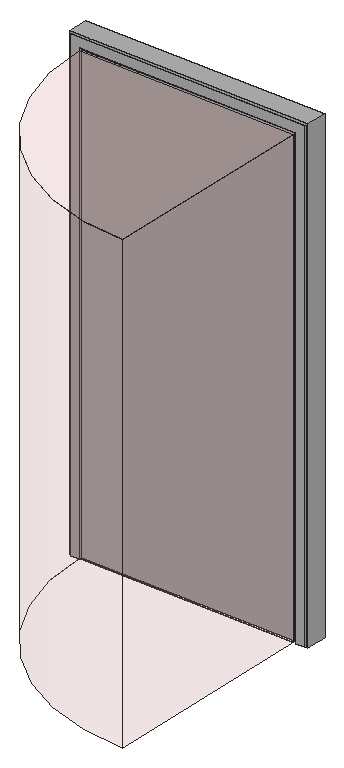
Revit family "ASSA ABLOY - ALPE PLUS Sp 60-1, single-leaf, block frame", category Doors, host Wall, Revit 2021
Family settings
  Host = Wall
  OmniClass Number = 23.30.10.00
  OmniClass Title = Doors
  Always vertical = Yes
  Cut with Voids When Loaded = No
  Shared = No
  Room Calculation Point = No
Parameters (values of type "900 x 2100 (902 x 2108)")
  URL = "https://www.assaabloy.com/pl/pl"
  Type Comments = "Door leaf made of two pressed galvanised steel sheets 1,25mm thick, reinforced with steel profile. Filled with mineral wool glued to the sheets with polyurethane adhesive. Non-rebated door."
  Symbol Radius = Door Leaf Width + 6.500 mm  # 998.500 mm
  Rough Width Real = Width Round + Rough Width Conversion + Rough Width Adjustment  # 1108.000 mm
  Rough Width Conversion = 208.000 mm  # constant formula
  Rough Width Adjustment = 0.000 mm  # constant formula
  Rough Height Real = Height Round + Rough Height Conversion + Rough Height Adjustment  # 2182.000 mm
  Rough Height Conversion = 82.000 mm  # constant formula
  Rough Height Adjustment = 0.000 mm  # constant formula
  Recess Value [instance] = 14.000 mm
  Opening Zone [instance] = yes
  Model = "Doorset_Steel non-rebated evacuation door (EN 179)_ASSA ABLOY Opening Solutions_Hardware 3D"
  Hinges Material = Default steel
  Frame Finish [instance] = ""
  Fire Rating NFR (0) = [Fire Rating - Set Value (0-2)] = 0  # yes
  Fire Rating EI60 (2) = [Fire Rating - Set Value (0-2)] = 2  # no
  Fire Rating EI30 (1) = [Fire Rating - Set Value (0-2)] = 1  # no
  Fire Rating - Set Value (0-2) = 0
  Fire Rating = if([Fire Rating NFR (0)], "NFR", if([Fire Rating EI30 (1)], "EI30", if([Fire Rating EI60 (2)], "EI60", "0")))  # "NFR"
  Width Round = roundup((Width / 5.000 mm)) * 5.000 mm  # 900.000 mm
  Thickness = 60.000 mm  # constant formula
  Smoke Rating = "Sa, S200 (optional)"
  Rough Width = Width Round + 2.000 mm + Rough Width Conversion + Rough Width Adjustment  # 1110.000 mm
  Rough Height = Height Round + 8.000 mm + Rough Height Conversion + Rough Height Adjustment  # 2190.000 mm
  Readme = "The actual lintel height is consistent with the Rough Height parameter.\nThe final HW Set should be consistent with the function of the door and its  parameters.\nHardware mounted on door surface may affect the clear passage opening. For verification, please contact the specification department."
  Provider = "ASSA ABLOY Opening Solutions"
  Product Group = "Single-Steel-Non rebated-Evacuation (EN179)"
  Name = "Steel non-rebated evacuation door (EN 179)"
  Min Door Width = 510.000 mm
  Min Door Height = 1635.000 mm
  Mechanical Strength = 4
  Max Door Width = 1150.000 mm
  Max Door Height = 2400.000 mm
  Manufacturer = "ASSA ABLOY"  # constant formula
  IfcExportType = "USERDEFINED"
  IfcExportAs = "IfcDoorType"
  Height Round = roundup((Height / 5.000 mm)) * 5.000 mm  # 2100.000 mm
  Hardware Set = "1.16PL"
  HW Item 7 = "1x 206253: Vercy door stopper, max 120 kg_ASSA ABLOY (option) "
  HW Item 6 = "1x H704: U-shape handle set on round rosette, EN179, class 4 (EN1906), stainless steel_ASSA ABLOY"
  HW Item 5 = "1x SK6 Radius: euro profile cylinder_IKON"
  HW Item 4 = "1x N11xx: mechanical, panic mortice lockcase series_ASSA ABLOY"
  HW Item 3 = "1x A153: mechanical opening damper_ASSA ABLOY (option)"
  HW Item 2 = "1x G195: door closer guide rail_ASSA ABLOY"
  HW Item 1 = "1x DC700/ DC500: door closer, Cam-Motion®_ASSA ABLOY"
  Function = Interior
  Height = 2100.000 mm
  Wall Closure = By host
  Width = 900.000 mm
  Frame Type = "Welded steel block frame, made of galvanised sheet 1,8mm thick."
  Frame Material = Default steel
  Family name = "1.16_DOORSET_ALPE PLUS Sp 60-1_SINGLE-LEAF_BLOCK FRAME_ASSA ABLOY PL"
  Environmental Product Declaration (EPD) = "To be confirmed with Provider"  # constant formula
  Environmental Management System = "To be confirmed with Provider"  # constant formula
  Edition number = "1"
  Door Type = "ALPE PLUS Sp 60-1"
  Door Material = Default steel
  Door Leaf Width = Width Round + 92.000 mm + Rough Width Adjustment  # 992.000 mm
  Door Finish Push Side [instance] = ""
  Door Finish Pull Side [instance] = ""
  Description = "ALPE PLUS Sp 60-1, door leaf made of two pressed galvanised steel sheets 1,25mm thick, reinforced with steel profile. Filled with mineral wool glued to the sheets with polyurethane adhesive. Non-rebated door. Stainless steel hinges with 3D regulation. Mechanical durability – class C5 according to PN-EN 16034:2014. Mechanical strength – class 4 according to PN-EN 1192:2001. Welded steel block frame, made of galvanised sheet 1,8mm thick."
  Date of publishing = ""
  Contact Provider = "https://www.assaabloy.com/pl/pl/solutions/topics/bim-specification/contact"
  Brand = "ASSA ABLOY Mercor Doors Sp. z o. o."  # constant formula
  Author = "www.archispace.pl"
Types (5, lengths in mm): name | Symbol Radius | Rough Width Real | Rough Height Real | Width Round | Rough Width | Rough Height | Height Round | Height | Width | Door Leaf Width
  900 x 2000 (902 x 2008) | 998.500 | 1108.000 | 2082.000 | 900.000 | 1110.000 | 2090.000 | 2000.000 | 2000.000 | 900.000 | 992.000
  900 x 2100 (902 x 2108) | 998.500 | 1108.000 | 2182.000 | 900.000 | 1110.000 | 2190.000 | 2100.000 | 2100.000 | 900.000 | 992.000
  1000 x 2100 (1002 x 2108) | 1098.500 | 1208.000 | 2182.000 | 1000.000 | 1210.000 | 2190.000 | 2100.000 | 2100.000 | 1000.000 | 1092.000
  1150 x 2400 (1152 x 2408) | 1248.500 | 1358.000 | 2482.000 | 1150.000 | 1360.000 | 2490.000 | 2400.000 | 2400.000 | 1150.000 | 1242.000
  510 x 1635 (512 x 1643) | 998.500 | 1108.000 | 2182.000 | 900.000 | 1110.000 | 2190.000 | 2100.000 | 2100.000 | 900.000 | 992.000
Reference planes
  plane 1: y = 0
  plane 2 "Center (Left/Right)": x = 0
  plane 3: z = 2190
  plane 4 "Exterior": y = 120
  plane 5 "Interior": y = -120
  plane 6: x = -554
  plane 7: x = 554
  plane 8: z = 2100
  plane 9: x = -495
  plane 10: x = 497
  plane 11: z = 2125
  plane 12: z = 8
  plane 13: y = -122.4
  plane 14: x = 503.5
  plane 15: x = -555
  plane 16: x = 555
  plane 17: x = -472
  plane 18: x = 472
  plane 19: z = 2182
  plane 20: y = -106
  plane 21: y = -109.4
  plane 22: y = -44.4
  plane 23: y = -33.4
  plane 24: y = -5.4
  plane 25: y = -8.8
Forms (mm)
  Sweep 1, solid, material "Default steel" <- "Frame Material"
    path origin (-489, -106, 1200) x (1, 0, 0) y (0, 0, 1)
      loop
        line (-65, -1200) -> (-65, 982) -> (1043, 982) -> (1043, -1200)
    profile origin (-554, -106, 1091) x (-1, 0, 0) y (0, -1, 0)
      loop
        line (0, 0) -> (-10, 0) -> (-10, 3.4) -> (-52, 3.4) -> (-52, -61.6) -> (-61.5, -61.6) -> (-61.5, -72.6) -> (-76.5, -72.6) -> (-76.5, -61.6) -> (-82, -61.6) -> (-82, -100.6) -> (-10, -100.6) -> (-10, -97.2) -> (0, -97.2) -> (0, 0)
  Sweep 2, solid, material "Default steel" <- "Door Material"
    path origin (-489, -106, 1200) x (1, 0, 0) y (0, 0, 1)
      loop
        line (489, -1192) -> (489, 925)
    profile origin (0, -106, 1066.5) x (-1, 0, 0) y (0, -1, 0)
      loop
        line (495, -59.1) -> (495, 2.9) -> (-497, 2.9) -> (-497, -59.1) -> (495, -59.1)
  Sweep 3, solid, material "Opening zone", visible <- "Opening Zone"
    path origin (-5000, 0, 0) x (-1, 0, 0) y (0, 0, 1)
      loop
        line (-5000, 8) -> (-5000, 2125)
    profile origin (0, 0, 1066.5) x (1, 0, 0) y (0, 1, 0)
      loop
        line (503.5, -122.4) -> (-495, -122.4)
        arc (-495, -122.4) -> (-202.546, -828.446) -> (503.5, -1120.9) r 998.5
        line (503.5, -1120.9) -> (503.5, -122.4)
Lines and regions (mm)
  Masking region 1, detail levels fine
    outline origin (-1177.682, -289.4, 2052) x (-1, 0, 0) y (0, -1, 0)
      loop
        line (-623.682, -183.4) -> (-633.682, -183.4) -> (-633.682, -180) -> (-675.682, -180) -> (-675.682, -245) -> (-685.182, -245) -> (-685.182, -256) -> (-700.182, -256) -> (-700.182, -245) -> (-705.682, -245) -> (-705.682, -284) -> (-633.682, -284) -> (-633.682, -280.6) -> (-623.682, -280.6) -> (-623.682, -183.4)
      loop
        line (-1731.682, -183.4) -> (-1731.682, -280.6) -> (-1721.682, -280.6) -> (-1721.682, -284) -> (-1649.682, -284) -> (-1649.682, -245) -> (-1655.182, -245) -> (-1655.182, -256) -> (-1670.182, -256) -> (-1670.182, -245) -> (-1679.682, -245) -> (-1679.682, -180) -> (-1721.682, -180) -> (-1721.682, -183.4) -> (-1731.682, -183.4)
  Masking region 2, detail levels medium
    outline origin (-1132.682, -300, 2052) x (-1, 0, 0) y (0, -1, 0)
      loop
        line (-578.682, -294.6) -> (-578.682, -190.6) -> (-660.682, -190.6) -> (-660.682, -294.6) -> (-578.682, -294.6)
      loop
        line (-1686.682, -294.6) -> (-1604.682, -294.6) -> (-1604.682, -190.6) -> (-1686.682, -190.6) -> (-1686.682, -294.6)
  Masking region 3, detail levels fine
    outline origin (-1132.682, -300, 2052) x (-1, 0, 0) y (0, -1, 0)
      loop
        circle (-1636.182, -177.6) r 11
  Opening 1
    outline origin (-5000, -120, 0) x (1, 0, 0) y (0, 0, 1)
      loop
        line (4445, 2190) -> (4445, 0) -> (5555, 0) -> (5555, 2190) -> (4445, 2190)
  symbolic lines, style "Elevation Swing"
    curve 1: line (-472, -120, 1095) -> (472, -120, 2100)
    curve 2: line (-472, -120, 1095) -> (472, -120, 8)
Text (mm)
  text "Exterior" at (-1376.75, 1099.543, 0), in view "Ref. Level"
  text "Exterior" at (0, 1615.38, 3698.081), in view "Left"
  text "Exterior" at (0, 1036.032, 3874.932), in view "Right"
Dimensions and locks
  "Rough Height": plane 3 to host wall
  equal spacing: host wall, curve 2, plane 3
  host wall to plane 3 = 2190.000 mm
  locked: plane 4 "Exterior" to host wall
  locked: plane 5 "Interior" to host wall
  equal spacing: plane 6, plane 2 "Center (Left/Right)", plane 7
  "Rough Width Real": plane 6 to plane 7
  "Height": plane 8 to level
  locked: plane 10 to plane 7 at 57
  locked: plane 12 to level at 8
  equal spacing: plane 16, plane 2 "Center (Left/Right)", plane 15
  "Rough Width": plane 16 to plane 15
  locked: plane 6 to plane 9 at 59
  locked: plane 6 to plane 17 at 82
  locked: plane 18 to plane 7 at 82
  "Rough Height Real": plane 19 to level
  plane 19 to plane 11 = 57.000 mm
  locked: plane 14 to plane 7 at 50.5
  "Recess Value": plane 5 "Interior" to plane 20
  locked: plane 20 to plane 13 at 16.4
  locked: plane 21 to plane 20 at 3.4
  locked: plane 20 to plane 22 at 61.6
  locked: plane 23 to plane 22 at 11
  locked: plane 25 to plane 23 at 24.6
  locked: plane 24 to plane 25 at 3.4
  locked: Masking region 1 sketch curve to plane 7 at 10  (x2)
  locked: Masking region 1 sketch curve to plane 7 at 52
  locked: Masking region 1 sketch curve to plane 7 at 61.5
  locked: Masking region 1 sketch curve to plane 7 at 76.5
  locked: Masking region 1 sketch curve to plane 7 at 82
  locked: plane 6 to Masking region 1 sketch curve at 10  (x2)
  locked: plane 6 to Masking region 1 sketch curve at 52
  locked: plane 6 to Masking region 1 sketch curve at 61.5
  locked: plane 6 to Masking region 1 sketch curve at 76.5
  locked: plane 6 to Masking region 1 sketch curve at 82
  locked: plane 6 to Masking region 2 sketch curve at 82
  locked: Masking region 2 sketch curve to plane 7 at 82
  "Symbol Radius": radius of Sweep 3 sketch curve
  aligned and locked: plane 1 to host wall
  aligned and locked: level to Sweep 1 sketch curve  (x2)
  aligned and locked: Sweep 1 sketch curve to plane 6
  aligned and locked: plane 7 to Sweep 1 sketch curve
  aligned and locked: plane 2 "Center (Left/Right)" to Sweep 2 sketch curve
  aligned and locked: nested 1 to plane 2 "Center (Left/Right)"
  aligned and locked: plane 2 "Center (Left/Right)" to Sweep 3 sketch curve
  aligned and locked: plane 11 to Sweep 2 sketch curve
  aligned and locked: plane 10 to Sweep 2 sketch curve
  aligned and locked: plane 9 to Sweep 2 sketch curve
  aligned and locked: plane 13 to Masking region 3 sketch curve
  aligned and locked: plane 13 to Sweep 3 sketch curve
  aligned and locked: plane 14 to Masking region 3 sketch curve
  aligned and locked: Sweep 3 sketch curve to plane 14
  aligned and locked: level to Opening 1 sketch curve
  aligned and locked: plane 3 to Opening 1 sketch curve
  aligned and locked: plane 15 to Opening 1 sketch curve
  aligned and locked: Opening 1 sketch curve to plane 16
  aligned and locked: Sweep 1 sketch curve to plane 19
  aligned and locked: plane 12 to Sweep 2 sketch curve
  aligned and locked: plane 24 to Masking region 1 sketch curve
  aligned and locked: Masking region 1 sketch curve to plane 25
  aligned and locked: Masking region 1 sketch curve to plane 23
  aligned and locked: Masking region 1 sketch curve to plane 22  (x2)
  aligned and locked: Masking region 1 sketch curve to plane 21
  aligned and locked: plane 20 to Masking region 1 sketch curve
  aligned and locked: Masking region 1 sketch curve to plane 20
  aligned and locked: plane 21 to Masking region 1 sketch curve
  aligned and locked: plane 22 to Masking region 1 sketch curve  (x2)
  aligned and locked: plane 23 to Masking region 1 sketch curve
  aligned and locked: plane 25 to Masking region 1 sketch curve
  aligned and locked: Masking region 1 sketch curve to plane 24
  aligned and locked: plane 6 to Masking region 1 sketch curve
  aligned and locked: plane 7 to Masking region 1 sketch curve
  aligned and locked: Masking region 2 sketch curve to plane 24
  aligned and locked: plane 21 to Masking region 2 sketch curve
  aligned and locked: Masking region 2 sketch curve to plane 6
  aligned and locked: Masking region 2 sketch curve to plane 7
  aligned and locked: Masking region 2 sketch curve to plane 21
  aligned and locked: plane 24 to Masking region 2 sketch curve
  aligned and locked: plane 20 to nested 1
  aligned and locked: plane 11 to Sweep 3 sketch curve
  aligned and locked: plane 12 to Sweep 3 sketch curve
  aligned and locked: plane 12 to curve 2
  aligned and locked: plane 18 to curve 2
  aligned and locked: plane 17 to curve 2
  aligned and locked: plane 18 to curve 1
  aligned and locked: plane 8 to curve 1
Automatic sketch dimensions
  Sweep 1 sketch curve to profile plane = 0.000 mm  (x2)
  profile plane to Sweep 1 sketch curve = 10.000 mm  (x2)
  profile plane to Sweep 1 sketch curve = 3.400 mm
  Sweep 1 sketch curve to Sweep 1 sketch curve = 42.000 mm
  Sweep 1 sketch curve to Sweep 1 sketch curve = 9.500 mm
  Sweep 1 sketch curve to Sweep 1 sketch curve = 15.000 mm
  Sweep 1 sketch curve to Sweep 1 sketch curve = 5.500 mm
  Sweep 1 sketch curve to profile plane = 61.600 mm
  Sweep 1 sketch curve to Sweep 1 sketch curve = 0.000 mm
  Sweep 1 sketch curve to Sweep 1 sketch curve = 11.000 mm
  Sweep 1 sketch curve to Sweep 1 sketch curve = 35.600 mm
  Sweep 1 sketch curve to Sweep 1 sketch curve = 28.000 mm
  Sweep 2 sketch curve to profile plane = 59.100 mm
  profile plane to Sweep 2 sketch curve = 2.900 mm
  radius of Masking region 3 sketch curve = 11.000 mm
Nested families
  nested 1: "Detail_Door symbol" at (0, -106, 2052), type "Detail_Door symbol"
Definition of nested family "Detail_Door symbol"
  Parameters (values of type "Detail_Door symbol")
    Symbol Radius = 998.500 mm
    Rough Width = 1108.000 mm
    Door Leaf Width = 985.000 mm
  Reference planes
    plane 1 "Center (Front/Back)": y = 0
    plane 2: z = 0
    plane 3 "Center (Left/Right)": x = 0
    plane 4: x = -554
    plane 5: x = 554
    plane 6: y = -16.4
    plane 7: x = 503.5
    plane 8: x = 490
    plane 9: x = 428
    plane 10: y = -22.9
    plane 11: y = -1007.9
  Lines and regions (mm)
    Filled region 1, type "Solid Fill - White", in view "Ref. Level", detail levels medium+fine
      outline origin (-28.5, 43.059, 0) x (0, 1, 0) y (-1, 0, 0)
        loop
          line (-65.959, -518.5) -> (-65.959, -456.5) -> (-1050.959, -456.5) -> (-1050.959, -518.5) -> (-65.959, -518.5)
    detail lines, in view "Ref. Level"
      curve 1: arc (503.5, -1014.9, 0) -> (-202.546, -722.446, 0) -> (-495, -16.4, 0) r 998.5
    detail lines, in view "Ref. Level", detail levels coarse
      curve 2: line (503.5, -1014.9, 0) -> (503.5, -16.4, 0)
  Dimensions and locks
    equal spacing: plane 4, plane 3 "Center (Left/Right)", plane 5
    "Rough Width": plane 4 to plane 5
    locked: plane 6 to plane 1 "Center (Front/Back)" at 16.4
    locked: plane 10 to plane 1 "Center (Front/Back)" at 22.9
    "Door Leaf Width": plane 10 to plane 11
    locked: plane 8 to plane 5 at 64
    locked: plane 9 to plane 8 at 62
    locked: plane 7 to plane 5 at 50.5
    "Symbol Radius": radius of curve 1
    aligned and locked: plane 10 to Filled region 1 sketch curve
    aligned and locked: Filled region 1 sketch curve to plane 8
    aligned and locked: Filled region 1 sketch curve to plane 9
    aligned and locked: Filled region 1 sketch curve to plane 11
    aligned and locked: plane 6 to curve 2
    aligned and locked: curve 2 to plane 7
    aligned and locked: plane 6 to curve 1
    aligned and locked: plane 7 to curve 1
